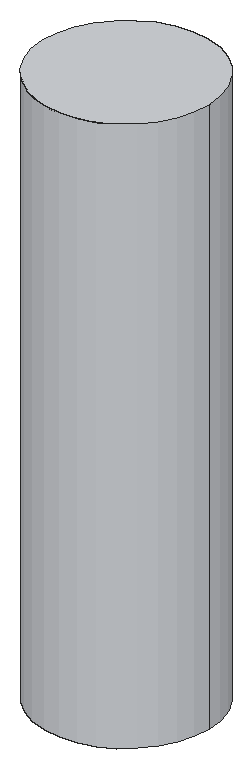
Revit family "$Player_Dog", category Generic Models, Revit 2020
Family settings
  Can host rebar = No
  Round Connector Dimension = Use Diameter
  Part Type = Normal
  Work Plane-Based = No
  Always vertical = Yes
  Cut with Voids When Loaded = No
  Shared = No
  Room Calculation Point = No
Parameters (values of type "SD")
  yes = 2 > 1  # yes
  show_standard [instance] = not(show_overweight)  # yes
  show_overweight [instance] = _property_is_overweight  # no
  no = not(yes)  # no
  _property_positionID = 13
  _property_name = "Peter"
  _property_luck = 50
  _property_is_overweight = no
  _property_hold_status = ""
  _asset_tools = ""
  _asset_skills = ""
  _asset_money = 2400
  _asset_direction = 1
  Default Elevation = 0 mm
Reference planes
  plane 1 "Center (Front/Back)": y = 0
  plane 2: z = 0
  plane 3 "Center (Left/Right)": x = 0
Forms (mm)
  Extrusion 1, solid, visible <- "show_standard"
    sketch origin (0, 0, 0) x (1, 0, 0) y (0, 1, 0)
      loop
        circle (0, 0) r 260
    from 0 to 1750
  Extrusion 2, solid, visible <- "show_overweight"
    sketch origin (0, 0, 0) x (1, 0, 0) y (0, 1, 0)
      loop
        circle (0, 0) r 500
    from 0 to 1300
Dimensions and locks
  aligned and locked: plane 2 to level
  aligned and locked: plane 1 "Center (Front/Back)" to nested 1
  aligned and locked: plane 3 "Center (Left/Right)" to nested 1
Nested families
  nested 1: "NAME_SYMBOL" at (0, 0, 0), _property_name <- "_property_name", _property_positionID <- "_property_positionID", type "NAME_SYMBOL"
    with _property_positionID 13, _property_name "Peter"
Definition of nested family "NAME_SYMBOL"
  Parameters (values of type "NAME_SYMBOL")
    _property_positionID [instance] = 0
    _property_name [instance] = ""
  Reference planes
    plane 1: y = 0
    plane 2: x = 0
  Lines and regions (mm)
    detail lines
      curve 1: line (-15, -5, 0) -> (15, -5, 0)
      curve 2: line (-15, 5, 0) -> (-15, -5, 0)
      curve 3: line (15, 5, 0) -> (-15, 5, 0)
      curve 4: line (15, -5, 0) -> (15, 5, 0)
  Text (mm)
    label "A\npositionID = _property_positionID" at (0.077, 0.299, 0), shows "_property_name", "_property_positionID"
